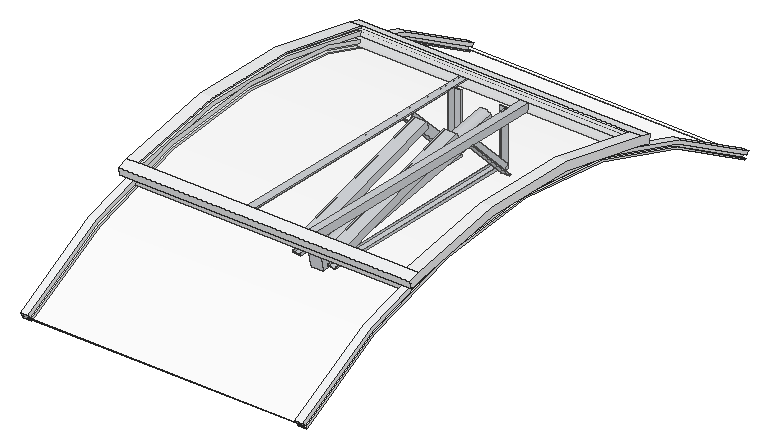
Revit family "Aluco Skylight AIR (en)", category Generic Models, Revit 2020
Family settings
  Can host rebar = No
  Round Connector Dimension = Use Diameter
  Part Type = Normal
  OmniClass Number = 23.60.70.14.11
  OmniClass Title = Smoke Dampers
  Work Plane-Based = Yes
  Always vertical = No
  Cut with Voids When Loaded = Yes
  Shared = No
  Room Calculation Point = No
Parameters (values of type "with electric drive")
  Note [instance] = if(or([Vent span (A)] > 2500 mm, [Vent span (A)] < 1000 mm, [Vent width (B)] > 2500 mm, [Vent width (B)] < 1000 mm), "The manufacturer's recommended dimensions have been exceeded", "-")  # "-"
  Actuator extension (variant) [instance] = 1
  Vent width (B) [instance] = 1000 mm
  Vent span (A) [instance] = 1000 mm
  URL = "https://aluco.com.pl/"
  Span [instance] = "from 1000 mm x 1000 mm to 2500 mm x 2500 mm"  # constant formula
  Skylight span [instance] = 2000 mm
  Bending radius' [instance] = Bending radius - 5 mm  # 1745 mm
  Bending radius" [instance] = Bending radius + Panel thickness + 13 mm  # 1773 mm
  Profile material = Aluco - aluminum
  Panel thickness [instance] = if([Filling thickness (variant)] < 3, 10 mm, if([Filling thickness (variant)] < 5, 16 mm, if([Filling thickness (variant)] < 7, 20 mm, if([Filling thickness (variant)] < 9, 25 mm, if([Filling thickness (variant)] < 11, 20 mm, if([Filling thickness (variant)] < 13, 26 mm, 32 mm))))))  # 10 mm
  Bending radius [instance] = 175 * Panel thickness  # 1750 mm
  Product URL = "https://aluco.com.pl/oferta/swietliki-dachowe/swietliki-lukowe-aluco-skylight-sl/"
  Power supply = 230 V
  Mounting profiles [instance] = yes
  Panel material = Aluco - polycarbonate
  Manufacturer = "ALUCO SYSTEM SP. Z O.O"  # constant formula
  Limit switches [instance] = no
  Heat transfer coefficient [instance] = "For verification after contact with the Manufacturer"  # constant formula
  Fall protection safety grids [instance] = no
  Drive type = "electric drive"
  Description = "Vents for daily ventilation dedicated to barrel vault skylights"  # constant formula
  Breaking load resistance = "UL 1500"  # constant formula
  Compressive load resistance = "DL 2500"  # constant formula
  Type Image = ALUCO SKYLIGHT AIR.png
  Model = "Skylight AIR"  # constant formula
  Type Comments = "Ventilation vent"  # constant formula
  Safety classification against drop from height = "SB 1200"  # constant formula
  Fire protection class = "BRoof (t1)"  # constant formula
  Catalog card [instance] = "https://aluco.com.pl/download/AlucoSkylight.pdf"
  Number of arch profiles [instance] = 2  # constant formula
  IfcExportAs = "\"IfcWindowType\""
  Filling thickness (variant) [instance] = 1
  Profile dimension [instance] = Panel thickness + 2 * 10 mm  # 30 mm
  Default Elevation = 0 mm  # constant formula
  Bird protection netting [instance] = no
  Base height [instance] = 300 mm
  Actuator extension [instance] = if([Actuator extension (variant)] < 2, "300mm", if([Actuator extension (variant)] < 3, "500mm", "700mm"))  # "300mm"
Types (2, lengths in mm): name | Power supply | Drive type
  with electric drive | 230 V | "electric drive"
  with mechanical drive | 0 V | "mechanical drive"
Reference planes
  plane 1 "Środek (Przód/Tył)": y = 0
  plane 2: z = 0
  plane 3 "Środek (Lewa/Prawa)": x = 0
  plane 4: y = -1000
  plane 5: y = 1000
  plane 6: x = -500
  plane 7: y = -2000
  plane 8: y = 2000
  plane 9: x = 500
  plane 10: z = 300
  plane 11: y = -500
  plane 12: y = 500
Forms (mm)
  Extrusion 1, solid, detail levels coarse
    sketch origin (0, 0, 0) x (0, 1, 0) y (0, 0, 1)
      loop
        line (-500, 300) -> (500, 300) -> (500, 596.981)
        arc (500, 596.981) -> (0, 668.859) -> (-500, 596.981) r 1775
        line (-500, 596.981) -> (-500, 300)
    from 500 to -500
  Extrusion 2, solid, material "Aluco - polycarbonate" <- "Panel material", visible <- "Mounting profiles", detail levels medium+fine
    sketch origin (0, 0, 0) x (0, 1, 0) y (0, 0, 1)
      loop
        line (1000, 300) -> (1005.714, 308.207)
        arc (1005.714, 308.207) -> (0, 623.859) -> (-1005.714, 308.207) r 1760
        line (-1005.714, 308.207) -> (-1000, 300)
        arc (-1000, 300) -> (0, 613.859) -> (1000, 300) r 1750
    from 500 to -500
  Extrusion 3, void
    sketch origin (0, 0, 0) x (0, 1, 0) y (0, 0, 1)
      loop
        arc (-976.524, 310.035) -> (0, 608.859) -> (976.524, 310.035) r 1745
        line (976.524, 310.035) -> (992.526, 333.016)
        arc (992.526, 333.016) -> (0, 636.859) -> (-992.526, 333.016) r 1773
        line (-992.526, 333.016) -> (-976.524, 310.035)
    from 500 to -500
  Extrusion 4, solid, material "Aluco - fall protection safety grids", visible <- "Fall protection safety grids", detail levels medium+fine
    sketch origin (4267.2, -1436.636, 300) x (0, -1, 0) y (1, 0, 0)
      loop
        line (-2436.636, -4753.2) -> (-436.636, -4753.2) -> (-436.636, -3781.2) -> (-2436.636, -3781.2) -> (-2436.636, -4753.2)
    from -20 to 0
Lines and regions (mm)
  reference lines
    curve 1: line (-500, 1000, 0) -> (-500, -1000, 0)
    curve 2: line (-500, -1000, 0) -> (1400, -1000, 0)
    curve 3: line (497.5, 1000, 0) -> (-500, 1000, 0)
    curve 4: line (0, 1000, 0) -> (10, 1000, 0)
    curve 5: line (10, -1000, 0) -> (0, -1000, 0)
    curve 6: line (0, -1000, 0) -> (0, 1000, 0)
    curve 7: line (495, 0, 298.5) -> (505, 0, 298.5)
    curve 8: line (502.5, 500, -1136.141) -> (502.5, -500, -1136.141)
    curve 9: line (502.5, 0, -1136.141) -> (502.5, -500, 564.897)
    curve 10: line (502.5, 0, -1136.141) -> (502.5, 500, 564.897)
    curve 13: line (0, -500, 564.897) -> (0, 500, 564.897)
  symbolic lines, detail levels coarse
    curve 11: line (500, 1000, 0) -> (500, -1000, 0)
    curve 12: line (-500, -1000, 0) -> (-500, 1000, 0)
  model lines, detail levels coarse
    curve 14: line (-500, 500, 564.897) -> (500, 500, 564.897)
    curve 15: line (-500, -500, 564.897) -> (-500, 500, 564.897)
    curve 16: line (500, -500, 564.897) -> (-500, -500, 564.897)
    curve 17: line (500, 500, 564.897) -> (500, -500, 564.897)
Dimensions and locks
  equal spacing: plane 4, plane 1 "Środek (Przód/Tył)", plane 5
  equal spacing: plane 8, plane 1 "Środek (Przód/Tył)", plane 7
  "Skylight span": plane 4 to plane 5
  plane 5 to curve 3 = 0 mm
  "Base height": plane 10 to level
  plane 10 to curve 7 = 1.5 mm
  equal spacing: plane 11, plane 1 "Środek (Przód/Tył)", plane 12
  "Vent span (A)": plane 11 to plane 12
  equal spacing: plane 6, plane 3 "Środek (Lewa/Prawa)", plane 9
  "Bending radius"": curve 10 to curve 10
  "Bending radius"": curve 9 to curve 9
  "Vent width (B)": plane 6 to plane 9
  locked: Extrusion 2 to Extrusion 3 sketch curve at 25  (x2)
  locked: plane 1 "Środek (Przód/Tył)" to curve 8 (angle 90.00°)
  aligned and locked: level to plane 2
  aligned and locked: plane 10 to nested 1
  aligned and locked: plane 10 to nested 2
  aligned and locked: plane 6 to nested 2
  aligned and locked: plane 9 to nested 1
  aligned and locked: plane 11 to curve 9
  aligned and locked: plane 1 "Środek (Przód/Tył)" to curve 10
  aligned and locked: curve 8 to curve 10
  aligned and locked: plane 12 to curve 10
  aligned and locked: nested 3 to curve 9
  aligned and locked: curve 10 to nested 4
  aligned and locked: plane 3 "Środek (Lewa/Prawa)" to nested 4
  aligned and locked: plane 6 to nested 5
  aligned and locked: plane 11 to nested 5
  aligned and locked: nested 3 to plane 3 "Środek (Lewa/Prawa)"
  aligned and locked: plane 5 to curve 11
  aligned and locked: curve 12 to plane 5
  aligned and locked: plane 4 to curve 11
  aligned and locked: plane 4 to curve 12
  aligned and locked: curve 11 to plane 9
  aligned and locked: curve 13 to curve 9
  aligned and locked: nested 6 to plane 12
  aligned and locked: Extrusion 1 sketch curve to plane 10
  aligned and locked: Extrusion 1 sketch curve to plane 11
  aligned and locked: Extrusion 1 sketch curve to plane 12
  aligned and locked: Extrusion 1 sketch curve to nested 5
  aligned and locked: plane 9 to Extrusion 1
  aligned and locked: Extrusion 1 to plane 6
  aligned and locked: curve 14 to plane 12
  aligned and locked: plane 11 to curve 16
  aligned and locked: curve 17 to plane 9
  aligned and locked: plane 6 to curve 12
  aligned and locked: plane 6 to curve 15
  aligned and locked: nested 2 to Extrusion 2 sketch curve  (x2)
  aligned and locked: Extrusion 2 sketch curve to nested 2  (x2)
  aligned and locked: Extrusion 2 to plane 6
  aligned and locked: plane 9 to Extrusion 2
  aligned and locked: Extrusion 3 sketch curve to nested 1  (x2)
  aligned and locked: plane 9 to Extrusion 3
  aligned and locked: Extrusion 3 to plane 6
  aligned and locked: nested 2 to Extrusion 4 sketch curve
  aligned and locked: nested 1 to Extrusion 4 sketch curve
  aligned and locked: Extrusion 4 sketch curve to plane 5
  aligned and locked: Extrusion 4 sketch curve to plane 4
Automatic sketch dimensions
  curve 7 to plane 9 = 5 mm
  plane 9 to curve 7 = 5 mm
  curve 1 to plane 6 = 0 mm
  curve 5 to plane 3 "Środek (Lewa/Prawa)" = 0 mm
  plane 3 "Środek (Lewa/Prawa)" to curve 5 = 10 mm
  plane 3 "Środek (Lewa/Prawa)" to curve 4 = 10 mm
  curve 3 to plane 9 = 2.5 mm
  plane 9 to curve 2 = 900 mm
  plane 5 to curve 4 = 0 mm
  curve 6 to plane 4 = 0 mm
  curve 1 to plane 4 = 0 mm
  curve 13 to plane 11 = 0 mm
  curve 13 to plane 12 = 0 mm
Nested families
  nested 1: "Arch profile" at (500, 0, 300), Rozpiętość otworu <- "Skylight span", Materiał <- "Profile material", visible <- "Mounting profiles", Grubość wypełnienia (wariant) <- "Filling thickness (variant)", type "Arch profile", detail levels medium+fine
    with Zwężenie otworu (rozpiętość) 0 mm, Rozpiętość świetlika 2000 mm, Rozpiętość otworu 2000 mm, Przestrzeń na izolację termiczną 0 mm, Promień gięcia 1750 mm, Materiał Aluco - aluminum, Grubość wypełnienia (wariant) 1, Grubość płyty 10 mm, Grubość profilu 17 mm
  nested 2: "Arch profile" at (-500, 0, 300), Rozpiętość otworu <- "Skylight span", Materiał <- "Profile material", visible <- "Mounting profiles", Grubość wypełnienia (wariant) <- "Filling thickness (variant)", type "Arch profile", detail levels medium+fine
    with Zwężenie otworu (rozpiętość) 0 mm, Rozpiętość świetlika 2000 mm, Rozpiętość otworu 2000 mm, Przestrzeń na izolację termiczną 0 mm, Promień gięcia 1750 mm, Materiał Aluco - aluminum, Grubość wypełnienia (wariant) 1, Grubość płyty 10 mm, Grubość profilu 17 mm
  nested 3: "Straight profile" at (0, -500, 564.897) x (0, -0.9594, -0.282) z (0, -0.282, 0.9594), Materiał <- "Profile material", Szerokość profilu <- "Profile dimension", Wyskość profilu <- "Profile dimension", Długość profilu <- "Vent width (B)", type "Straight profile", detail levels medium+fine
    with Wyskość profilu 30 mm, Szerokość profilu 30 mm, Materiał Aluco - aluminum, Długość profilu 1000 mm
  nested 4: "Straight profile" at (0, 500, 564.897) x (0, 0.9594, -0.282) z (0, 0.282, 0.9594), Materiał <- "Profile material", Szerokość profilu <- "Profile dimension", Wyskość profilu <- "Profile dimension", Długość profilu <- "Vent width (B)", type "Straight profile", detail levels medium+fine
    with Wyskość profilu 30 mm, Szerokość profilu 30 mm, Materiał Aluco - aluminum, Długość profilu 1000 mm
  nested 5: "Damper" at (-500, 0, 330), Rozpiętość klapy <- "Vent span (A)", Szerokość klapy <- "Vent width (B)", built-in parameter 1001364 <- "Profile dimension", Grubość profilu <- "Profile dimension", Materiał profili <- "Profile material", Materiał płyty <- "Panel material", Rozpiętość świetlika <- "Skylight span", Grubość wypełnienia (wariant) <- "Filling thickness (variant)", type "Damper", detail levels medium+fine
    with Szerokość klapy 1000 mm, Rozpiętość świetlika 2000 mm, Rozpiętość klapy 1000 mm, Promień gięcia 1750 mm, Materiał płyty Aluco - polycarbonate, Materiał profili Aluco - aluminum, Grubość wypełnienia (wariant) 1, Grubość płyty 10 mm, Grubość profilu' 41.5 mm, Grubość profilu 30 mm
  nested 6: "Single-leaf damber actuator" at (0, 500, 564.897) x (0, -1, 0) z (0, 0, 1), Długość prowadnic <- "Vent span (A)", type "Single-leaf damber actuator", detail levels fine
    with Długość prowadnic 1000 mm
Definition of nested family "Arch profile"
  Parameters (values of type "Profil łukowy")
    Zwężenie otworu (rozpiętość) [instance] = 200 mm
    Define Thermal Properties by = 1
    Rozpiętość świetlika [instance] = if(Rozpiętość otworu - 2 * [Zwężenie otworu (rozpiętość)] + 2 * Przestrzeń na izolację termiczną < 1500 mm, 1500 mm, if(Rozpiętość otworu - 2 * [Zwężenie otworu (rozpiętość)] + 2 * Przestrzeń na izolację termiczną > 6200 mm, 6200 mm, Rozpiętość otworu - 2 * [Zwężenie otworu (rozpiętość)] + 2 * Przestrzeń na izolację termiczną))  # 1500 mm
    Rozpiętość otworu [instance] = 1000 mm
    Przestrzeń na izolację termiczną [instance] = 150 mm
    Promień gięcia [instance] = 175 * Grubość płyty  # 1750 mm
    Materiał [instance] = none
    Analytic Construction = "<Brak>"
    Grubość wypełnienia (wariant) [instance] = 1
    Grubość płyty [instance] = if([Grubość wypełnienia (wariant)] < 3, 10 mm, if([Grubość wypełnienia (wariant)] < 5, 16 mm, if([Grubość wypełnienia (wariant)] < 7, 20 mm, if([Grubość wypełnienia (wariant)] < 9, 25 mm, if([Grubość wypełnienia (wariant)] < 11, 20 mm, if([Grubość wypełnienia (wariant)] < 13, 26 mm, 32 mm))))))  # 10 mm
    Grubość profilu [instance] = Grubość płyty + 7 mm  # 17 mm
    Default Elevation = 0 mm
  Reference planes
    plane 1 "Środek (Przód/Tył)": y = 0
    plane 2: z = 0
    plane 3 "Środek (Lewa/Prawa)": x = 0
    plane 4: y = -500
    plane 5: y = 500
    plane 6: y = -750
    plane 7: y = 750
    plane 8: z = 0
  Forms (mm)
    Extrusion 1, solid, not visible
      sketch origin (0, 0, 0) x (0, 1, 0) y (0, 0, 1)
        loop
          line (-750, 0) -> (750, 0)
          arc (750, 0) -> (0, 168.861) -> (-750, 0) r 1750
      from 14 to -14
    Sweep 2, solid, material <- "Materiał"
      path in 3D
        loop
          arc (0, -750, 0) -> (0, 0, 168.861) -> (0, 750, 0) r 1750
      profile origin (0, 0, 168.861) x (0, 0, 1) y (1, 0, 0)
        loop
          line (0, -14) -> (0, -2.5) -> (10, -2.5) -> (10, -14) -> (23, -14) -> (23, 14) -> (10, 14) -> (10, 2.5) -> (0, 2.5) -> (0, 14) -> (-5, 14) -> (-5, -14) -> (0, -14)
  Lines and regions (mm)
    reference lines
      curve 1: line (-150, -650, 0) -> (6150, -650, 0)
      curve 2: line (6150, 650, 0) -> (-150, 650, 0)
      curve 3: line (500, 600, 0) -> (5500, 600, 0)
      curve 4: line (5500, -600, 0) -> (500, -600, 0)
      curve 5: arc (0, -750, 0) -> (0, 0, 168.861) -> (0, 750, 0) r 1750
    sketch lines
      curve 6: arc (0, -750, 0) -> (0, 0, 168.861) -> (0, 750, 0) r 1750
  Dimensions and locks
    equal spacing: plane 4, plane 1 "Środek (Przód/Tył)", plane 5
    equal spacing: plane 7, plane 1 "Środek (Przód/Tył)", plane 6
    "Rozpiętość otworu": plane 4 to plane 5
    "Rozpiętość świetlika": plane 7 to plane 6
    "Przestrzeń na izolację termiczną": plane 5 to curve 2
    "Przestrzeń na izolację termiczną": plane 4 to curve 1
    "Przestrzeń na izolację termiczną": curve 4 to plane 6
    "Przestrzeń na izolację termiczną": curve 3 to plane 7
    "Grubość płyty": Sweep 2 sketch curve to profile plane
    "Promień gięcia": radius of curve 5
    aligned and locked: level to plane 2
    aligned and locked: plane 6 to curve 5
    aligned and locked: plane 8 to curve 5  (x2)
    aligned and locked: plane 7 to curve 5
    aligned and locked: Extrusion 1 sketch curve to curve 5
    aligned and locked: Extrusion 1 sketch curve to plane 8
  Automatic sketch dimensions
    curve 2 to plane 3 "Środek (Lewa/Prawa)" = 150 mm
    curve 1 to plane 3 "Środek (Lewa/Prawa)" = 150 mm
    plane 3 "Środek (Lewa/Prawa)" to curve 3 = 500 mm
    plane 3 "Środek (Lewa/Prawa)" to curve 4 = 500 mm
    curve 3 to curve 3 = 5000 mm
    curve 4 to curve 3 = 0 mm
    curve 3 to curve 2 = 650 mm
    curve 4 to curve 1 = 650 mm
    Sweep 2 sketch curve to profile plane = 0 mm  (x2)
    profile plane to Sweep 2 sketch curve = 5 mm
    Sweep 2 sketch curve to Sweep 2 sketch curve = 0 mm  (x2)
    Sweep 2 sketch curve to Sweep 2 sketch curve = 13 mm
    Sweep 2 sketch curve to profile plane = 14 mm
    Sweep 2 sketch curve to profile plane = 2.5 mm
    profile plane to Sweep 2 sketch curve = 2.5 mm
    Sweep 2 sketch curve to Sweep 2 sketch curve = 11.5 mm  (x2)
Definition of nested family "Straight profile"
  Parameters (values of type "Profil prosty")
    Define Thermal Properties by = 1
    Wyskość profilu [instance] = 40 mm
    Szerokość profilu [instance] = 40 mm
    Materiał [instance] = none
    Analytic Construction = "<Brak>"
    Długość profilu [instance] = 1000 mm
    Default Elevation = 1219.2 mm
  Reference planes
    plane 1 "Środek (Przód/Tył)": y = 0
    plane 2: z = 0
    plane 3 "Środek (Lewa/Prawa)": x = 0
    plane 4: y = 500
    plane 5: y = -500
    plane 6: x = 40
    plane 7: z = -40
  Forms (mm)
    Extrusion 1, solid
      sketch origin (0, 0, 0) x (1, 0, 0) y (0, 1, 0)
        loop
          line (-1219.2, 1219.2) -> (-1219.2, -1219.2) -> (1219.2, -1219.2) -> (1219.2, 1219.2) -> (-1219.2, 1219.2)
      from 0 to -304.8
    Extrusion 2, solid, material <- "Materiał"
      sketch origin (0, 0, 0) x (1, 0, 0) y (0, 0, 1)
        loop
          line (0, 0) -> (0, -40) -> (40, -40) -> (40, 0) -> (0, 0)
      from 500 to -500
  Dimensions and locks
    equal spacing: plane 4, plane 1 "Środek (Przód/Tył)", plane 5
    "Długość profilu": plane 4 to plane 5
    "Szerokość profilu": plane 6 to plane 3 "Środek (Lewa/Prawa)"
    "Wyskość profilu": level to plane 7
    aligned and locked: plane 2 to Extrusion 1
    aligned and locked: level to Extrusion 1
    aligned and locked: plane 4 to Extrusion 2
    aligned and locked: Extrusion 2 to plane 5
    aligned and locked: Extrusion 2 to plane 7
    aligned and locked: plane 6 to Extrusion 2
  Automatic sketch dimensions
    Extrusion 1 sketch curve to Extrusion 1 sketch curve = 2438.4 mm  (x2)
    Extrusion 2 sketch curve to level = 0 mm
    Extrusion 2 sketch curve to plane 3 "Środek (Lewa/Prawa)" = 0 mm
    plane 3 "Środek (Lewa/Prawa)" to Extrusion 2 sketch curve = 40 mm
    Extrusion 2 sketch curve to level = 40 mm
Definition of nested family "Damper"
  Parameters (values of type "Klapa")
    Define Thermal Properties by = 1
    Szerokość klapy [instance] = 1000 mm
    Rozpiętość świetlika [instance] = 1500 mm
    Rozpiętość klapy [instance] = 1000 mm
    Promień gięcia [instance] = 175 * Grubość płyty  # 1750 mm
    Materiał płyty [instance] = none
    Materiał profili [instance] = none
    Analytic Construction = "<Brak>"
    Grubość wypełnienia (wariant) [instance] = 1
    Grubość płyty [instance] = if([Grubość wypełnienia (wariant)] < 3, 10 mm, if([Grubość wypełnienia (wariant)] < 5, 16 mm, if([Grubość wypełnienia (wariant)] < 7, 20 mm, if([Grubość wypełnienia (wariant)] < 9, 25 mm, if([Grubość wypełnienia (wariant)] < 11, 20 mm, if([Grubość wypełnienia (wariant)] < 13, 26 mm, 32 mm))))))  # 10 mm
    Grubość profilu' [instance] = Grubość profilu + 11.5 mm  # 41.5 mm
    Grubość profilu [instance] = 30 mm
    Default Elevation = 0 mm
  Reference planes
    plane 1 "Środek (Przód/Tył)": y = 0
    plane 2: z = 0
    plane 3 "Środek (Lewa/Prawa)": x = 0
    plane 4: y = -500
    plane 5: y = 500
    plane 6: y = -750
    plane 7: y = 750
    plane 8: z = 0
    plane 9: x = 1000
    plane 10: x = 500
  Forms (mm)
    Extrusion 1, solid, not visible
      sketch origin (0, 0, 0) x (0, 1, 0) y (0, 0, 1)
        loop
          line (-500, 95.912) -> (-500, 0) -> (500, 0) -> (500, 95.912)
          arc (500, 95.912) -> (0, 168.861) -> (-500, 95.912) r 1750
      from 1000 to 0
    Sweep 2, solid, material <- "Materiał profili", detail levels medium+fine
      path in 3D
        loop
          arc (0, 500, 95.912) -> (0, 0, 168.861) -> (0, -500, 95.912) r 1750
      profile origin (0, 0, 168.861) x (0, 0, 1) y (-1, 0, 0)
        loop
          line (10, -11.5) -> (10, 0) -> (20, 0) -> (20, -11.5) -> (25, -11.5) -> (25, 30) -> (-5, 30) -> (-5, -11.5) -> (10, -11.5)
    Sweep 3, solid, material <- "Materiał profili", detail levels medium+fine
      path in 3D
        loop
          arc (1000, -500, 95.912) -> (1000, 0, 168.861) -> (1000, 500, 95.912) r 1750
      profile origin (1000, 0, 168.861) x (0, 0, 1) y (1, 0, 0)
        loop
          line (10, -11.5) -> (10, 0) -> (20, 0) -> (20, -11.5) -> (25, -11.5) -> (25, 30) -> (-5, 30) -> (-5, -11.5) -> (10, -11.5)
    Sweep 4, solid, material <- "Materiał profili", detail levels medium+fine
      path in 3D
        loop
          line (-30, -498.571, 91.121) -> (608.987, -498.571, 91.121) -> (1030, -498.571, 91.121)
      profile origin (289.494, -498.571, 91.121) x (0, -0.285714, 0.958315) y (0, -0.958315, -0.285714)
        loop
          line (0, 0) -> (30, 0) -> (30, 41.5) -> (0, 41.5) -> (0, 0)
    Sweep 5, solid, material <- "Materiał profili", detail levels medium+fine
      path in 3D
        loop
          line (1030, 498.571, 91.121) -> (493.096, 498.571, 91.121) -> (-30, 498.571, 91.121)
      profile origin (761.548, 498.571, 91.121) x (0, 0.285714, 0.958315) y (0, 0.958315, -0.285714)
        loop
          line (0, 41.5) -> (0, 0) -> (30, 0) -> (30, 41.5) -> (0, 41.5)
    Extrusion 6, solid, material <- "Materiał płyty", detail levels medium+fine
      sketch origin (0, 0, 0) x (0, 1, 0) y (0, 0, 1)
        loop
          line (-505.829, 115.044) -> (-502.914, 105.478)
          arc (-502.914, 105.478) -> (0, 178.861) -> (502.914, 105.478) r 1760
          line (502.914, 105.478) -> (505.829, 115.044)
          arc (505.829, 115.044) -> (0, 188.861) -> (-505.829, 115.044) r 1770
      from 0 to 1000
  Cuts and joins
    joined: Sweep 2, Sweep 3, Sweep 4, Sweep 5
  Lines and regions (mm)
    reference lines
      curve 1: arc (0, -750, 0) -> (0, 0, 168.861) -> (0, 750, 0) r 1750
    sketch lines
      curve 2: arc (0, 500, 95.912) -> (0, 0, 168.861) -> (0, -500, 95.912) r 1750
      curve 3: arc (1000, -500, 95.912) -> (1000, 0, 168.861) -> (1000, 500, 95.912) r 1750
      curve 4: line (-30, -498.571, 91.121) -> (608.987, -498.571, 91.121)
      curve 5: line (608.987, -498.571, 91.121) -> (1030, -498.571, 91.121)
      curve 6: line (1030, 498.571, 91.121) -> (493.096, 498.571, 91.121)
      curve 7: line (493.096, 498.571, 91.121) -> (-30, 498.571, 91.121)
    symbolic lines
      curve 8: line (11.5, -498.571, 0) -> (500, 500, 0)
      curve 9: line (500, 500, 0) -> (988.5, -498.571, 0)
    symbolic lines, detail levels coarse
      curve 10: line (0, 500, 0) -> (1000, 500, 0)
      curve 11: line (0, -500, 0) -> (0, 500, 0)
      curve 12: line (1000, -500, 0) -> (0, -500, 0)
      curve 13: line (1000, 500, 0) -> (1000, -500, 0)
  Dimensions and locks
    equal spacing: plane 4, plane 1 "Środek (Przód/Tył)", plane 5
    equal spacing: plane 7, plane 1 "Środek (Przód/Tył)", plane 6
    "Rozpiętość klapy": plane 4 to plane 5
    "Rozpiętość świetlika": plane 7 to plane 6
    "Szerokość klapy": plane 3 "Środek (Lewa/Prawa)" to plane 9
    "Grubość profilu": Sweep 4 sketch curve to profile plane
    locked: Sweep 3 sketch curve to Sweep 3 sketch curve at 5
    locked: profile plane to Sweep 3 sketch curve at 5
    "Grubość płyty": Sweep 3 sketch curve to Sweep 3 sketch curve
    "Grubość profilu": Sweep 3 sketch curve to Sweep 3 sketch curve
    "Grubość profilu": Sweep 3 sketch curve to profile plane
    "Grubość profilu": Sweep 2 sketch curve to profile plane
    locked: profile plane to Sweep 2 sketch curve at 5
    locked: Sweep 2 sketch curve to Sweep 2 sketch curve at 5
    "Grubość profilu": Sweep 2 sketch curve to Sweep 2 sketch curve
    "Grubość płyty": Sweep 2 sketch curve to Sweep 2 sketch curve
    "Grubość profilu'": Sweep 5 sketch curve to profile plane
    "Grubość profilu": Sweep 5 sketch curve to profile plane
    "Grubość profilu'": Sweep 4 sketch curve to profile plane
    equal spacing: plane 3 "Środek (Lewa/Prawa)", plane 10, plane 9
    "Promień gięcia": radius of curve 1
    aligned and locked: level to plane 2
    aligned and locked: plane 6 to curve 1
    aligned and locked: plane 8 to curve 1  (x2)
    aligned and locked: plane 7 to curve 1
    aligned and locked: Extrusion 1 sketch curve to curve 1
    aligned and locked: Extrusion 1 sketch curve to plane 8
    aligned and locked: plane 4 to Extrusion 1 sketch curve
    aligned and locked: plane 5 to Extrusion 1 sketch curve
    aligned and locked: plane 9 to Extrusion 1
    aligned and locked: Extrusion 6 sketch curve to Sweep 3  (x2)
    aligned and locked: Extrusion 6 to Extrusion 1
    aligned and locked: profile plane to Sweep 5 sketch curve
    aligned and locked: plane 4 to curve 12
    aligned and locked: curve 10 to plane 5
    aligned and locked: curve 13 to plane 9
    aligned and locked: plane 3 "Środek (Lewa/Prawa)" to curve 11
  Automatic sketch dimensions
    Extrusion 6 sketch curve to plane 4 = 2.914 mm
    Extrusion 6 sketch curve to plane 4 = 5.829 mm
    Extrusion 6 sketch curve to plane 5 = 2.914 mm
    Extrusion 6 sketch curve to plane 5 = 5.829 mm
    curve 9 to plane 10 = 0 mm
    plane 4 to curve 8 = 1.429 mm
    plane 3 "Środek (Lewa/Prawa)" to curve 8 = 11.5 mm
    plane 4 to curve 9 = 1.429 mm
    curve 9 to plane 9 = 11.5 mm
    profile plane to Sweep 2 sketch curve = 0 mm
    Sweep 2 sketch curve to profile plane = 11.5 mm  (x2)
    Sweep 3 sketch curve to profile plane = 0 mm
    Sweep 3 sketch curve to profile plane = 11.5 mm  (x2)
    profile plane to Sweep 4 sketch curve = 0 mm  (x2)
    profile plane to Sweep 5 sketch curve = 0 mm
Definition of nested family "Single-leaf damber actuator"
  Parameters (values of type "Siłownik klapy jednoskrzydłowej zamkniętej")
    Define Thermal Properties by = 1
    Analytic Construction = "<Brak>"
    Długość prowadnic [instance] = 1500 mm
    Default Elevation = 0 mm  # constant formula
  Reference planes
    plane 1 "Środek (Przód/Tył)": y = 0
    plane 2: z = 0
    plane 3 "Środek (Lewa/Prawa)": x = 0
    plane 4: z = -200
    plane 5: y = -125
    plane 6: y = 125
    plane 7: x = 600
    plane 8: x = 1500
    plane 9: y = -98
    plane 10: y = 98
    plane 11: y = -78
    plane 12: y = 78
    plane 13: x = 1500
    plane 14: x = 1464.07
    plane 15: z = -77
    plane 16: z = -250
    plane 17: x = -110
    plane 18: x = 1800
    plane 19: x = 290
    plane 20: x = 60.93
    plane 21: x = 1087.93
    plane 22: x = 41.93
    plane 23: x = 1060.884
    plane 24: x = 265
    plane 25: x = 864.842
  Forms (mm)
    Extrusion 1, solid
      sketch origin (0, 0, 0) x (1, 0, 0) y (0, 1, 0)
        loop
          line (-1219.2, 1219.2) -> (-1219.2, -1219.2) -> (1219.2, -1219.2) -> (1219.2, 1219.2) -> (-1219.2, 1219.2)
      from 0 to -304.8
    Sweep 2, solid, detail levels medium+fine
      path in 3D
        loop
          line (0, -125, 0) -> (1500, -125, 0)
      profile origin (750, -125, 0) x (0, 0, 1) y (0, -1, 0)
        loop
          line (0, -27) -> (0, 0) -> (-27, 0) -> (-27, -3) -> (-3, -3) -> (-3, -27) -> (0, -27)
    Sweep 3, solid, detail levels medium+fine
      path in 3D
        loop
          line (0, 125, 0) -> (1500, 125, 0)
      profile origin (750, 125, 0) x (0, 0, -1) y (0, 1, 0)
        loop
          line (0, -27) -> (3, -27) -> (3, -3) -> (27, -3) -> (27, 0) -> (0, 0) -> (0, -27)
    Sweep 4, solid, detail levels medium+fine
      path origin (73.93, -98, 0) x (1, 0, 0) y (0, 0, 1)
        loop
          line (0, 0) -> (0, -200)
      profile origin (73.93, -98, -100) x (0, -1, 0) y (1, 0, 0)
        loop
          line (-27, -13) -> (0, -13) -> (0, 14) -> (-3, 14) -> (-3, -10) -> (-27, -10) -> (-27, -13)
    Sweep 5, solid, detail levels medium+fine
      path origin (73.93, 98, 0) x (1, 0, 0) y (0, 0, -1)
        loop
          line (0, 0) -> (0, 200)
      profile origin (73.93, 98, -100) x (0, 1, 0) y (-1, 0, 0)
        loop
          line (-27, 13) -> (-27, 10) -> (-3, 10) -> (-3, -14) -> (0, -14) -> (0, 13) -> (-27, 13)
    Sweep 6, solid, detail levels medium+fine
      path in 3D
        loop
          line (87.677, -98.752, -199.873) -> (260.918, -98.752, -26.632)
      profile origin (174.297, -98.752, -113.252) x (-0.707107, 0, 0.707107) y (0, -1, 0)
        loop
          line (29.82, 3) -> (2.82, 3) -> (2.82, 30) -> (-0.18, 30) -> (-0.18, 0) -> (29.82, 0) -> (29.82, 3)
    Sweep 7, solid, detail levels medium+fine
      path in 3D
        loop
          line (87.677, 98, -199.873) -> (260.918, 98, -26.632)
      profile origin (174.297, 98, -113.252) x (0.707107, 0, -0.707107) y (0, 1, 0)
        loop
          line (-29.82, 3) -> (-29.82, 0) -> (0.18, 0) -> (0.18, 30) -> (-2.82, 30) -> (-2.82, 3) -> (-29.82, 3)
    Sweep 8, solid, detail levels medium+fine
      path in 3D
        loop
          line (50.727, 63, -200.156) -> (817.931, 63, -200.156)
      profile origin (434.329, 63, -200.156) x (0, 0, -1) y (0, 1, 0)
        loop
          line (0, 0) -> (0, 15) -> (-8, 15) -> (-8, 13.5) -> (-1.5, 13.5) -> (-1.5, -13.5) -> (-8, -13.5) -> (-8, -15) -> (0, -15) -> (0, 0)
    Sweep 9, solid, detail levels medium+fine
      path in 3D
        loop
          line (87.931, -63, -200.156) -> (817.931, -63, -200.156)
      profile origin (452.931, -63, -200.156) x (0, 0, 1) y (0, -1, 0)
        loop
          line (-0.001, -15) -> (8, -15) -> (8, -13.517) -> (1.5, -13.517) -> (1.5, 13.5) -> (7.999, 13.5) -> (7.999, 15) -> (-0.001, 15) -> (-0.001, -15)
    Sweep 10, solid, detail levels medium+fine
      path in 3D
        loop
          line (41.93, 0, -77) -> (808.69, 0, -207.193)
      profile origin (425.31, 0, -142.096) x (0.1674, 0, 0.985889) y (0, -1, 0)
        loop
          line (-26.036, 0) -> (-26.036, -20) -> (-22.5, -23.536) -> (22.5, -23.536)
          arc (22.5, -23.536) -> (35.498, 0) -> (22.5, 23.536) r 27.807
          line (22.5, 23.536) -> (-22.5, 23.536) -> (-26.036, 20) -> (-26.036, 0)
    Sweep 11, solid, detail levels medium+fine
      path in 3D
        loop
          line (802.089, -54.464, -173.632) -> (265, -54.464, -15.092)
      profile origin (533.545, -54.464, -94.362) x (-0.283108, 0, -0.959088) y (0, -1, 0)
        loop
          line (11.579, -23.536) -> (11.579, -20.536) -> (-12.421, -20.536) -> (-12.421, 20.536) -> (11.579, 20.536) -> (11.579, 23.536) -> (-15.421, 23.536) -> (-15.421, -23.536) -> (11.579, -23.536)
    Sweep 12, solid, detail levels medium+fine
      path in 3D
        loop
          line (802.089, 55.536, -173.632) -> (265, 55.536, -15.092)
      profile origin (533.545, 55.536, -94.362) x (-0.283108, 0, -0.959088) y (0, -1, 0)
        loop
          line (11.579, -23.536) -> (11.579, -20.536) -> (-12.421, -20.536) -> (-12.421, 20.536) -> (11.579, 20.536) -> (11.579, 23.536) -> (-15.421, 23.536) -> (-15.421, -23.536) -> (11.579, -23.536)
  Lines and regions (mm)
    reference lines
      curve 1: line (0, -125, 0) -> (1500, -125, 0)
      curve 2: line (0, 125, 0) -> (1500, 125, 0)
      curve 9: line (41.93, 0, -77) -> (1060.8, 0, -250)
      curve 11: line (864.842, -54.464, -192.156) -> (265, -54.464, -15.092)
      curve 13: line (864.842, 55.536, -192.156) -> (265, 55.536, -15.092)
    sketch lines
      curve 3: line (0, -125, 0) -> (1500, -125, 0)
      curve 4: line (0, 125, 0) -> (1500, 125, 0)
      curve 5: line (87.677, -98.752, -199.873) -> (260.918, -98.752, -26.632)
      curve 6: line (87.677, 98, -199.873) -> (260.918, 98, -26.632)
      curve 7: line (50.727, 63, -200.156) -> (817.931, 63, -200.156)
      curve 8: line (87.931, -63, -200.156) -> (817.931, -63, -200.156)
      curve 10: line (41.93, 0, -77) -> (808.69, 0, -207.193)
      curve 12: line (802.089, -54.464, -173.632) -> (265, -54.464, -15.092)
      curve 14: line (802.089, 55.536, -173.632) -> (265, 55.536, -15.092)
  Dimensions and locks
    "Długość prowadnic": plane 8 to plane 3 "Środek (Lewa/Prawa)"
    locked: plane 2 to plane 4 at 200
    equal spacing: plane 5, plane 1 "Środek (Przód/Tył)", plane 6
    locked: plane 5 to plane 6 at 250
    locked: plane 9 to plane 11 at 20
    locked: plane 12 to plane 10 at 20
    equal spacing: plane 11, plane 1 "Środek (Przód/Tył)", plane 12, locked at 78 each
    plane 17 to plane 19 = 400 mm
    aligned and locked: plane 2 to Extrusion 1
    aligned and locked: level to Extrusion 1
    aligned and locked: plane 5 to curve 1
    aligned and locked: plane 20 to Sweep 5
    aligned and locked: plane 20 to Sweep 4
    aligned and locked: plane 22 to curve 9
    aligned and locked: plane 24 to curve 11
    aligned and locked: curve 11 to Sweep 9
  Automatic sketch dimensions
    Extrusion 1 sketch curve to Extrusion 1 sketch curve = 2438.4 mm  (x2)
    curve 9 to plane 16 = 0 mm
    curve 9 to plane 15 = 0 mm
    plane 23 to curve 9 = 0.084 mm
    curve 1 to level = 0 mm
    curve 1 to plane 3 "Środek (Lewa/Prawa)" = 0 mm
    plane 8 to curve 1 = 0 mm
    curve 2 to level = 0 mm
    curve 2 to plane 3 "Środek (Lewa/Prawa)" = 0 mm
    plane 8 to curve 2 = 0 mm
    Sweep 2 sketch curve to profile plane = 0 mm
    profile plane to Sweep 2 sketch curve = 0 mm
    Sweep 2 sketch curve to Sweep 2 sketch curve = 3 mm
    Sweep 2 sketch curve to profile plane = 3 mm
    Sweep 2 sketch curve to Sweep 2 sketch curve = 24 mm  (x2)
    Sweep 3 sketch curve to profile plane = 0 mm  (x2)
    Sweep 3 sketch curve to Sweep 3 sketch curve = 3 mm  (x2)
    Sweep 3 sketch curve to Sweep 3 sketch curve = 24 mm  (x2)
    plane 25 to curve 11 = 0 mm
    plane 4 to curve 11 = 7.844 mm
    curve 11 to level = 15.092 mm
    plane 24 to curve 13 = 0 mm
    plane 25 to curve 13 = 0 mm
    plane 4 to curve 13 = 7.844 mm
    curve 13 to level = 15.092 mm
    Sweep 4 sketch curve to plane 4 = 0 mm
    Sweep 4 sketch curve to level = 0 mm
    Sweep 4 sketch curve to plane 20 = 13 mm
    profile plane to Sweep 4 sketch curve = 0 mm
    Sweep 4 sketch curve to profile plane = 3 mm
    Sweep 4 sketch curve to Sweep 4 sketch curve = 24 mm
    profile plane to Sweep 4 sketch curve = 13 mm
    Sweep 4 sketch curve to Sweep 4 sketch curve = 3 mm
    Sweep 4 sketch curve to profile plane = 14 mm
    Sweep 5 sketch curve to plane 4 = 0 mm
    Sweep 5 sketch curve to level = 0 mm
    Sweep 5 sketch curve to plane 20 = 13 mm
    Sweep 5 sketch curve to profile plane = 0 mm
    Sweep 5 sketch curve to profile plane = 3 mm
    Sweep 5 sketch curve to Sweep 5 sketch curve = 24 mm
    profile plane to Sweep 5 sketch curve = 14 mm
    Sweep 5 sketch curve to profile plane = 10 mm
    Sweep 5 sketch curve to Sweep 5 sketch curve = 3 mm
    profile plane to Sweep 6 sketch curve = 0 mm
    profile plane to Sweep 6 sketch curve = 0.18 mm
    Sweep 6 sketch curve to profile plane = 2.82 mm
    Sweep 6 sketch curve to Sweep 6 sketch curve = 27 mm  (x2)
    Sweep 6 sketch curve to Sweep 6 sketch curve = 3 mm
    Sweep 7 sketch curve to profile plane = 0 mm
    profile plane to Sweep 7 sketch curve = 3 mm
    profile plane to Sweep 7 sketch curve = 29.82 mm
    profile plane to Sweep 7 sketch curve = 2.82 mm
    Sweep 7 sketch curve to profile plane = 0.18 mm
    Sweep 7 sketch curve to Sweep 7 sketch curve = 27 mm
    Sweep 8 sketch curve to profile plane = 0 mm  (x2)
    profile plane to Sweep 8 sketch curve = 1.5 mm
    Sweep 8 sketch curve to Sweep 8 sketch curve = 6.5 mm  (x2)
    Sweep 8 sketch curve to profile plane = 13.5 mm
    Sweep 8 sketch curve to Sweep 8 sketch curve = 1.5 mm  (x2)
    profile plane to Sweep 8 sketch curve = 13.5 mm
    profile plane to Sweep 9 sketch curve = 0.001 mm
    Sweep 9 sketch curve to profile plane = 1.5 mm
    Sweep 9 sketch curve to Sweep 9 sketch curve = 6.499 mm
    Sweep 9 sketch curve to Sweep 9 sketch curve = 6.5 mm
    Sweep 9 sketch curve to profile plane = 15 mm
    Sweep 9 sketch curve to Sweep 9 sketch curve = 1.483 mm
    profile plane to Sweep 9 sketch curve = 13.5 mm
    Sweep 9 sketch curve to Sweep 9 sketch curve = 1.5 mm
    Sweep 10 sketch curve to profile plane = 0 mm  (x2)
    profile plane to Sweep 10 sketch curve = 26.036 mm
    Sweep 10 sketch curve to Sweep 10 sketch curve = 3.536 mm  (x4)
    Sweep 10 sketch curve to profile plane = 7.692 mm
    Sweep 10 sketch curve to profile plane = 22.5 mm  (x2)
    Sweep 10 sketch curve to Sweep 10 sketch curve = 20 mm
    profile plane to Sweep 11 sketch curve = 15.421 mm
    Sweep 11 sketch curve to Sweep 11 sketch curve = 3 mm  (x3)
    Sweep 11 sketch curve to profile plane = 11.579 mm  (x2)
    Sweep 11 sketch curve to profile plane = 23.536 mm
    profile plane to Sweep 11 sketch curve = 20.536 mm
    profile plane to Sweep 12 sketch curve = 15.421 mm
    Sweep 12 sketch curve to Sweep 12 sketch curve = 3 mm  (x3)
    Sweep 12 sketch curve to profile plane = 11.579 mm  (x2)
    Sweep 12 sketch curve to profile plane = 23.536 mm
    profile plane to Sweep 12 sketch curve = 20.536 mm
